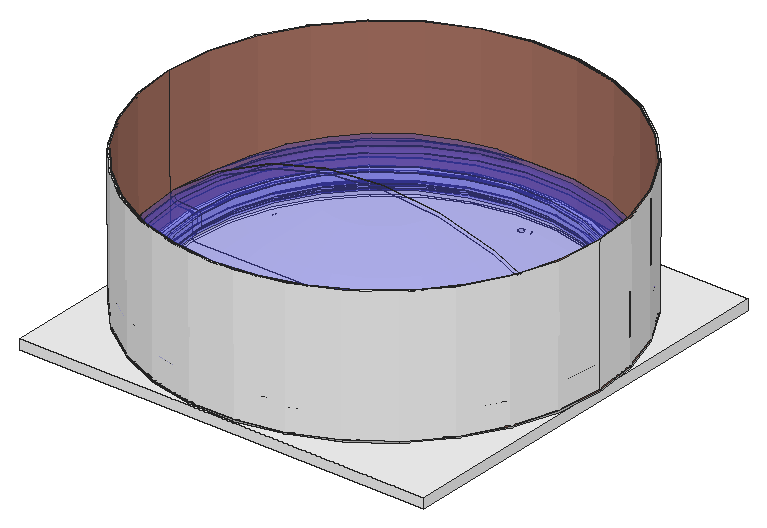
Revit family "BE_51019.6_de_DE", category Leuchten, Revit 2020
Family settings
  Basisbauteil = Fläche
  Bemaßung runder Anschluss = Durchmesser verwenden
  Teiletyp = Normal
  Beim Laden mit Abzugskörper schneiden = Ja
  Lichtquelle = Ja
  Gemeinsam genutzt = Nein
  Raumberechnungspunkt = Ja
Parameters (values of type "BEGA_51019.6_K3")
  built-in parameter 1150104 = 14.034 (stored number, unit not read)
  Wattage = 42.6 W
  Default Elevation = 0 mm
  built-in parameter 1150113 = 1 (stored number, unit not read)
  built-in parameter 1114218 = 1 (stored number, unit not read)
  Umgebungstemperatur = "25 °C"
  URL = "https://www.bega.com/de/produkt/51019.6"
  Typenkommentare = "© 2022 BEGA. Wir behalten uns das Recht vor, technische Änderungen ohne vorherige Ankündigung vorzunehmen."  # constant formula
  built-in parameter 1150134 = (empty or 0)
  built-in parameter 1150109 = 1 (stored number, unit not read)
  Strom = ""
  built-in parameter 1150110 = 1 (stored number, unit not read)
  Spannung = 239.996 V
  Sonderanfertigung = no
  Seriennummer [instance] = "Hier können Sie die eindeutige Seriennummer für das Facility Management eintragen."
  Schutzklasse = "I"
  Schutzart = "IP 20"
  Scheinlast = 0 VA
  Produktdatenblatt = "https://cdn.bega.com/bega/products/51019.6K3/current/documents/data-sheets/de"
  Oberflächentemperatur = ""
  Neigungswinkel = 0.00°
  Modell = "51019.6K3"
  Material_34 = BEGA_Oberfläche_Samtweiss_matt
  Material_29 = BEGA_Oberfläche_Kupfer_matt
  Material_14 = BEGA_Kunststoff_opal
  M_W = no
  M_G = no
  M_A = no
  Logo = 0
  built-in parameter 1114217 = 1 (stored number, unit not read)
  built-in parameter 1150139 = (empty or 0)
  built-in parameter 1150105 = 512.09 (stored number, unit not read)
  built-in parameter 1150114 = 1 (stored number, unit not read)
  Lumens = 6435.16 lm
  built-in parameter 1150115 = 1 (stored number, unit not read)
  Leuchtenlichtstrom = "3303 lm"
  Leuchtenanzahl = ""
  Lebensdauerkriterien = "L70B50 @ 25 °C = 200000 h"
  Lastklassifizierung = Beleuchtung
  built-in parameter 1150112 = 1 (stored number, unit not read)
  Lampenlichtstrom = "6435 lm"
  Lampe = "LED 42.6 W"
  LED_Modulbezeichnung = "LED-0630/930"
  Hersteller = "BEGA"  # constant formula
  Halbstreuwinkel = ""
  Gewicht = "2.95 kg"
  Gebrauchslageneinschränkung [instance] = ""
  Frequenz = "0/50-60 Hz"
  Farbwiedergabeindex = "CRI > 90"
  Farbtemperaturverschiebung bei Dämpfen der Lampe = <Keine Auswahl>
  Farbtemperatur = "3000 K"
  Color Filter = 16777215
  built-in parameter 1150133 = 10 (stored number, unit not read)
  Energieeffizienzklasse = "LED A++ - A"
  built-in parameter 1150137 = (empty or 0)
  built-in parameter 1150132 = (empty or 0)
  ENEC = "ja"
  Dimmbar [instance] = "DALI"
  Datei für fotometrisches Netz = "BE_51019-6K3.ies"
  CE_Konformität = "ja"
  Bestellnummer = "51019.6K3"
  Beschreibung_Sonderanfertigung = "Hier können Sie Informationen zur Sonderanfertigung eintragen."
  Beschreibung = "Deckenleuchte"
  built-in parameter 1150106 = 5.1209 (stored number, unit not read)
  Befestigungsbohrung = "Ø 6 mm"
  Befestigungsabstand = "340 mm"
  Ballwurfsicher = ""
  BEGA_Intern_aus = yes
  BEGA_Intern_an = yes
  BEGA_Intern_Konstruktion = yes
  BEGA_Intern = yes
  BEGA_IES = yes
  BEGA_Dummy = no
  Anschlussleitung = ""
  Anschlussleistung [instance] = "47.4 W"
  Anschlusskasten = ""
  built-in parameter 1150107 = 3000 (stored number, unit not read)
  built-in parameter 1150102 = (empty or 0)
  built-in parameter 1150138 = (empty or 0)
  Aktualisierung = "2022-12-14T04:00:03"
  Abstand_zur_angestrahlten_Fläche [instance] = ""
  AC/DC = "AC/DC"
Reference planes
  plane 1 "Mitte (Vorne/Hinten)": y = 0
  plane 2: z = 0
  plane 3 "Mitte (Links/Rechts)": x = 0
  plane 4 "Links": x = -213.998
  plane 5 "Rechts": x = 213.993
  plane 6 "Unten": y = -213.77
  plane 7 "Oben": y = 213.761
  plane 8 "Vorne": z = 144.998
  plane 9 "Hinten": z = 0
Forms (mm)
  Extrusion 1, solid, material "BEGA_Platte_Weiss"
    sketch origin (0, -1119.2, 0) x (1, 0, 0) y (0, 1, 0)
      loop
        line (-200, 1319.2) -> (-200, 919.2) -> (200, 919.2) -> (200, 1319.2) -> (-200, 1319.2)
    from 0 to -10
  Extrusion 2, solid, material "BEGA_Dummy_matt", visible <- "BEGA_Dummy"
    sketch origin (77.149, -76.023, 0) x (1, 0, 0) y (0, 1, 0)
      loop
        circle (-77.149, 76.023) r 213.998
    from 0 to 144.998
Dimensions and locks
  plane 1 "Mitte (Vorne/Hinten)" to Extrusion 1 = 200 mm
  aligned and locked: plane 2 to Extrusion 1
  aligned and locked: level to Extrusion 1
Nested families
  nested 1: "BE_51019.6_Leuchte" at (0, 0, 0), type "BE_51019.6_Leuchte"
Connectors
  electrical at (0, 0, 0), driven by "Lastklassifizierung", driven by "Spannung", driven by "Scheinlast"
    settings: index 1, voltage 239.996 V, apparent load 0 VA, apparent load phase1 0 VA, apparent load phase2 0 VA, apparent load phase3 0 VA, power factor 1, load classification "Beleuchtung", number of poles 1, system type 31, power factor state 1, is connector primary yes, connector utility no, sub classification motor no, connector description ""
Definition of nested family "BE_51019.6_Leuchte"
  Parameters (values of type "BE_51019.6_Leuchte")
    Default Elevation = 1 mm
    URL = "http://www.bega.de/de/produkt"
    Type Comments = "© 2015 BEGA. Wir behalten uns das Recht vor, technische Änderungen ohne vorherige Ankündigung vorzunehmen. "  # constant formula
    Type Image = (empty or 0)
    Material_34 = none
    Material_29 = none
    Material_14 = none
    Länge_Platte = 200 mm  # constant formula
    Höhe_Platte = -10 mm  # constant formula
    Manufacturer = "BEGA"  # constant formula
    Breite_Platte = 200 mm  # constant formula
  Reference planes
    plane 1 "Mitte (Oben/Unten)": y = 0
    plane 2: z = 0
    plane 3 "Mitte (Links/Rechts)": x = 0
    plane 4: y = 213.761
    plane 5: x = 213.993
    plane 6: y = -213.77
    plane 7: x = -213.998
    plane 8: z = 144.998
  Forms (mm)
    Extrusion 1, solid, detail levels medium
      sketch origin (0, 0, 0) x (1, 0, 0) y (0, 1, 0)
        loop
          line (-100, 100) -> (-100, -100) -> (100, -100) -> (100, 100) -> (-100, 100)
      from 0 to -10 <- "Höhe_Platte"
    Revolve 2, solid, material <- "Material_34"
      sketch origin (0, 0, 0) x (1, 0, 0) y (0, 0, 1)
        loop
          line (194, 27.5) -> (191.844, 27.5)
          arc (191.844, 27.5) -> (190.578, 26.986) -> (190.038, 25.731) r 1.8
          line (190.038, 25.731) -> (189.667, 4.483)
          arc (189.667, 4.483) -> (189.368, 3.787) -> (188.667, 3.5) r 1
          line (188.667, 3.5) -> (0, 3.5) -> (0, 2.5) -> (188.667, 2.5)
          arc (188.667, 2.5) -> (190.069, 3.073) -> (190.667, 4.465) r 2
          line (190.667, 4.465) -> (191.038, 25.71)
          arc (191.038, 25.71) -> (191.277, 26.271) -> (191.842, 26.5) r 0.8
          line (191.842, 26.5) -> (194, 26.5) -> (194, 27.5)
        axis (0, 2.5) -> (0, 27.5)
      angle from 0 to 360
    Revolve 3, solid, material <- "Material_14"
      sketch origin (0, 0, 0) x (1, 0, 0) y (0, 0, 1)
        loop
          line (-180.1, 18.672) -> (-180.1, 28.954)
          arc (-180.1, 28.954) -> (-180.929, 31.025) -> (-182.958, 31.951) r 3
          line (-182.958, 31.951) -> (-203.42, 33.023)
          arc (-203.42, 33.023) -> (-206.106, 35.053) -> (-205.214, 38.299) r 3
          arc (-205.214, 38.299) -> (-109.366, 94.472) -> (0, 114.002) r 315.999
          line (0, 114.002) -> (0, 118)
          arc (0, 118) -> (-110.737, 98.229) -> (-207.79, 41.358) r 319.999
          arc (-207.79, 41.358) -> (-209.896, 33.781) -> (-203.629, 29.029) r 7
          line (-203.629, 29.029) -> (-184.948, 28.05)
          arc (-184.948, 28.05) -> (-184.273, 27.738) -> (-184, 27.046) r 1
          line (-184, 27.046) -> (-184, 19.769)
          arc (-184, 19.769) -> (-184.105, 19.372) -> (-184.394, 19.08) r 0.8
          line (-184.394, 19.08) -> (-188.854, 16.504)
          arc (-188.854, 16.504) -> (-189.144, 16.212) -> (-189.25, 15.814) r 0.8
          line (-189.25, 15.814) -> (-189.25, 9.5) -> (-185.25, 9.5) -> (-185.25, 12.233)
          arc (-185.25, 12.233) -> (-184.85, 13.73) -> (-183.757, 14.828) r 3.001
          line (-183.757, 14.828) -> (-181.585, 16.082)
          arc (-181.585, 16.082) -> (-180.497, 17.179) -> (-180.1, 18.672) r 3.001
        axis (0, 9.5) -> (0, 118)
      angle from 0 to 360
    Revolve 4, solid, material <- "Material_34"
      sketch origin (0, 0, 0) x (1, 0, 0) y (0, 0, 1)
        loop
          line (213.964, 144.995) -> (213.104, 144.998) -> (213.104, 12.503)
          arc (213.104, 12.503) -> (212.623, 11.343) -> (211.463, 10.862) r 1.641
          line (211.463, 10.862) -> (192.751, 10.862) -> (191.268, 1.501) -> (181, 1.501) -> (181, 0) -> (189.991, 0)
          arc (189.991, 0) -> (192.1, 0.863) -> (193, 2.956) r 3.009
          line (193, 2.956) -> (193.114, 9.5) -> (211.492, 9.5)
          arc (211.492, 9.5) -> (212.909, 10.082) -> (213.498, 11.496) r 1.998
          line (213.498, 11.496) -> (213.964, 144.995)
        axis (0, 0) -> (0, 144.998)
      angle from 0 to 360
    Revolve 5, solid, material <- "Material_29"
      sketch origin (0, 0, 0) x (1, 0, 0) y (0, 0, 1)
        loop
          line (212.464, 144.995) -> (211.998, 11.496) -> (193.465, 11.496)
          arc (193.465, 11.496) -> (191.804, 10.733) -> (191.106, 9.044) r 2.5
          line (191.106, 9.044) -> (190.991, 2.5) -> (181, 2.5) -> (181, 1) -> (189.991, 1)
          arc (189.991, 1) -> (191.399, 1.576) -> (192, 2.974) r 2.009
          line (192, 2.974) -> (192.105, 9.026)
          arc (192.105, 9.026) -> (192.516, 10.031) -> (193.497, 10.496) r 1.5
          line (193.497, 10.496) -> (210.957, 10.496)
          arc (210.957, 10.496) -> (212.398, 11.09) -> (213.002, 12.527) r 2.045
          line (213.002, 12.527) -> (213.464, 144.995) -> (212.464, 144.995)
        axis (0, 1) -> (0, 144.995)
      angle from 0 to 360
    Extrusion 6, solid, material <- "Material_34"
      sketch origin (0, 0, 0) x (1, 0, 0) y (0, 1, 0)
        loop
          arc (177.592, 29.799) -> (161.844, 50.995) -> (135.44, 50.636) r 28.998
          arc (135.44, 50.636) -> (124.155, 39.964) -> (119.995, 25) r 28.998
          line (119.995, 25) -> (119.995, -25)
          arc (119.995, -25) -> (146.586, -53.898) -> (177.592, -29.799) r 28.998
          arc (177.592, -29.799) -> (180.074, 0) -> (177.592, 29.799) r 180.074
      from 2.358 to 8.965
    Extrusion 7, solid, material <- "Material_34"
      sketch origin (0, 0.089, 0) x (1, 0, 0) y (0, 1, 0)
        loop
          circle (0, 170) r 8.061
        loop
          circle (0, -170) r 8.061
      from 0.359 to 2.5
    Extrusion 8, void
      sketch origin (0, 0, 0) x (1, 0, 0) y (0, 1, 0)
        loop
          circle (161.993, -18) r 5
        loop
          circle (161.993, 18) r 5
      from 0 to 27.046
    Extrusion 9, void
      sketch origin (0, 0, 0) x (1, 0, 0) y (0, 1, 0)
        loop
          circle (0, 170) r 3
        loop
          circle (0, -170) r 3
      from 0 to 3.5
  Cuts and joins
    Extrusion 8, Extrusion 9 cuts Revolve 2
    Extrusion 8, Extrusion 9 cuts Extrusion 6
    Extrusion 8, Extrusion 9 cuts Extrusion 7
    joined: Revolve 2, Extrusion 6, Extrusion 7
    Extrusion 8, Extrusion 9 cuts Revolve 3
  Dimensions and locks
    equal spacing: Extrusion 1 sketch curve, plane 3 "Mitte (Links/Rechts)", Extrusion 1 sketch curve
    equal spacing: Extrusion 1 sketch curve, plane 1 "Mitte (Oben/Unten)", Extrusion 1 sketch curve
    "Länge_Platte": Extrusion 1 sketch curve to Extrusion 1 sketch curve
    "Breite_Platte": Extrusion 1 sketch curve to Extrusion 1 sketch curve
    plane 1 "Mitte (Oben/Unten)" to Extrusion 1 = 100 mm  (x3)
    aligned and locked: plane 2 to Extrusion 1
    aligned and locked: level to Extrusion 1
  Automatic sketch dimensions
    Revolve 2 sketch curve to Revolve 2 sketch curve = 0 mm  (x16)
    Revolve 2 sketch curve to plane 3 "Mitte (Links/Rechts)" = 0 mm  (x2)
    level to Revolve 2 sketch curve = 4.5 mm
    plane 3 "Mitte (Links/Rechts)" to Revolve 2 sketch curve = 188.667 mm
    level to Revolve 2 sketch curve = 25.71 mm
    Revolve 2 sketch curve to Revolve 2 sketch curve = 2.371 mm
    Revolve 2 sketch curve to Revolve 2 sketch curve = 0.8 mm
    Revolve 2 sketch curve to Revolve 2 sketch curve = 0.004 mm
    Revolve 2 sketch curve to Revolve 2 sketch curve = 0.002 mm
    Revolve 2 sketch curve to Revolve 2 sketch curve = 2.156 mm
    Revolve 2 sketch curve to Revolve 2 sketch curve = 0.01 mm
    Revolve 2 sketch curve to Revolve 2 sketch curve = 1 mm  (x5)
    level to Revolve 2 sketch curve = 25.731 mm
    level to Revolve 2 sketch curve = 4.465 mm
    Revolve 2 sketch curve to level = 609.6 mm
    Revolve 3 sketch curve to plane 3 "Mitte (Links/Rechts)" = 0.001 mm
    level to Revolve 3 sketch curve = 16.082 mm
    Revolve 3 sketch curve to Revolve 3 sketch curve = 0.664 mm
    Revolve 3 sketch curve to Revolve 3 sketch curve = 1.373 mm
    Revolve 3 sketch curve to Revolve 3 sketch curve = 0.142 mm
    Revolve 3 sketch curve to Revolve 3 sketch curve = 1.516 mm
    level to Revolve 3 sketch curve = 14.828 mm
    Revolve 3 sketch curve to Revolve 3 sketch curve = 2.172 mm
    level to Revolve 3 sketch curve = 19.08 mm
    Revolve 3 sketch curve to Revolve 3 sketch curve = 1.293 mm
    Revolve 3 sketch curve to Revolve 3 sketch curve = 0.406 mm
    Revolve 3 sketch curve to Revolve 3 sketch curve = 1.9 mm
    Revolve 3 sketch curve to Revolve 3 sketch curve = 3.001 mm
    Revolve 3 sketch curve to Revolve 3 sketch curve = 4.693 mm
    level to Revolve 3 sketch curve = 16.504 mm
    Revolve 3 sketch curve to Revolve 3 sketch curve = 0.405 mm
    Revolve 3 sketch curve to Revolve 3 sketch curve = 4 mm
    Revolve 3 sketch curve to Revolve 3 sketch curve = 18.263 mm
    Revolve 3 sketch curve to Revolve 3 sketch curve = 0.002 mm  (x3)
    plane 3 "Mitte (Links/Rechts)" to Revolve 3 sketch curve = 0.002 mm
    Revolve 3 sketch curve to Revolve 3 sketch curve = 2.595 mm
    Revolve 3 sketch curve to Revolve 3 sketch curve = 2.733 mm
    Revolve 3 sketch curve to Revolve 3 sketch curve = 0.001 mm
    Revolve 3 sketch curve to Revolve 3 sketch curve = 0.69 mm
    Revolve 3 sketch curve to Revolve 3 sketch curve = 0.408 mm
    Revolve 3 sketch curve to Revolve 3 sketch curve = 0.689 mm
    Revolve 3 sketch curve to Revolve 3 sketch curve = 4.9 mm
    Revolve 3 sketch curve to Revolve 3 sketch curve = 1.903 mm
    Revolve 3 sketch curve to Revolve 3 sketch curve = 8.966 mm
    Revolve 3 sketch curve to Revolve 3 sketch curve = 0 mm  (x13)
    level to Revolve 3 sketch curve = 19.769 mm
    Revolve 3 sketch curve to Revolve 3 sketch curve = 0.394 mm
    Revolve 3 sketch curve to Revolve 3 sketch curve = 1 mm
    level to Revolve 3 sketch curve = 27.046 mm
    level to Revolve 3 sketch curve = 28.05 mm
    Revolve 3 sketch curve to Revolve 3 sketch curve = 0.052 mm
    level to Revolve 3 sketch curve = 33.023 mm
    Revolve 3 sketch curve to Revolve 3 sketch curve = 0.155 mm
    Revolve 3 sketch curve to Revolve 3 sketch curve = 0.207 mm
    level to Revolve 3 sketch curve = 29.029 mm
    Revolve 3 sketch curve to Revolve 3 sketch curve = 1.951 mm
    Revolve 3 sketch curve to Revolve 3 sketch curve = 2.576 mm
    level to Revolve 3 sketch curve = 114.002 mm
    Revolve 3 sketch curve to Revolve 3 sketch curve = 2.59 mm
    Revolve 3 sketch curve to Revolve 3 sketch curve = 0.005 mm
    Revolve 3 sketch curve to plane 3 "Mitte (Links/Rechts)" = 181.585 mm
    Revolve 3 sketch curve to plane 3 "Mitte (Links/Rechts)" = 0 mm
    Revolve 4 sketch curve to plane 3 "Mitte (Links/Rechts)" = 0 mm
    level to Revolve 4 sketch curve = 1.501 mm
    plane 3 "Mitte (Links/Rechts)" to Revolve 4 sketch curve = 181 mm
    Revolve 4 sketch curve to Revolve 4 sketch curve = 1.277 mm
    Revolve 4 sketch curve to Revolve 4 sketch curve = 2.76 mm
    Revolve 4 sketch curve to Revolve 4 sketch curve = 18.712 mm
    Revolve 4 sketch curve to Revolve 4 sketch curve = 0.029 mm
    Revolve 4 sketch curve to Revolve 4 sketch curve = 0.037 mm
    Revolve 4 sketch curve to Revolve 4 sketch curve = 0.394 mm
    Revolve 4 sketch curve to Revolve 4 sketch curve = 0.86 mm
    level to Revolve 4 sketch curve = 0 mm
    Revolve 4 sketch curve to Revolve 4 sketch curve = 1.362 mm
    Revolve 4 sketch curve to Revolve 4 sketch curve = 1.005 mm
    Revolve 4 sketch curve to Revolve 4 sketch curve = 132.492 mm
    Revolve 4 sketch curve to Revolve 4 sketch curve = 0.003 mm
    Revolve 4 sketch curve to Revolve 4 sketch curve = 1.731 mm
    level to Revolve 4 sketch curve = 2.956 mm
    Revolve 4 sketch curve to Revolve 4 sketch curve = 0 mm
    level to Revolve 4 sketch curve = 9.5 mm
    Revolve 4 sketch curve to Revolve 4 sketch curve = 0.363 mm
    Revolve 4 sketch curve to Revolve 4 sketch curve = 2464.06 mm
    Revolve 4 sketch curve to Revolve 4 sketch curve = 1.007 mm
    Revolve 4 sketch curve to Revolve 4 sketch curve = 1.641 mm
    Revolve 4 sketch curve to Revolve 4 sketch curve = 8.991 mm
    Revolve 4 sketch curve to Revolve 4 sketch curve = 1.508 mm
    Revolve 4 sketch curve to level = 609.6 mm
    Revolve 5 sketch curve to Revolve 5 sketch curve = 0 mm  (x5)
    Revolve 5 sketch curve to plane 3 "Mitte (Links/Rechts)" = 0 mm
    level to Revolve 5 sketch curve = 1 mm
    plane 3 "Mitte (Links/Rechts)" to Revolve 5 sketch curve = 181 mm
    level to Revolve 5 sketch curve = 3.009 mm
    Revolve 5 sketch curve to Revolve 5 sketch curve = 8.991 mm
    level to Revolve 5 sketch curve = 2.5 mm
    Revolve 5 sketch curve to Revolve 5 sketch curve = 1 mm  (x4)
    Revolve 5 sketch curve to Revolve 5 sketch curve = 3.474 mm
    Revolve 5 sketch curve to Revolve 5 sketch curve = 0.032 mm
    Revolve 5 sketch curve to Revolve 5 sketch curve = 0.109 mm
    Revolve 5 sketch curve to Revolve 5 sketch curve = 17.492 mm
    Revolve 5 sketch curve to Revolve 5 sketch curve = 1.042 mm
    Revolve 5 sketch curve to Revolve 5 sketch curve = 1.508 mm
    Revolve 5 sketch curve to Revolve 5 sketch curve = 5.991 mm
    Revolve 5 sketch curve to Revolve 5 sketch curve = 1.496 mm
    level to Revolve 5 sketch curve = 9.044 mm
    Revolve 5 sketch curve to Revolve 5 sketch curve = 2.5 mm
    Revolve 5 sketch curve to Revolve 5 sketch curve = 1.008 mm
    level to Revolve 5 sketch curve = 2.974 mm
    level to Revolve 5 sketch curve = 9.026 mm
    Revolve 5 sketch curve to Revolve 5 sketch curve = 1.004 mm
    Revolve 5 sketch curve to level = 609.6 mm
    Revolve 5 sketch curve to Revolve 5 sketch curve = 2464.063 mm
    Revolve 5 sketch curve to Revolve 5 sketch curve = 1.045 mm
    Revolve 5 sketch curve to Revolve 5 sketch curve = 132.468 mm
    Extrusion 6 sketch curve to Extrusion 6 sketch curve = 0 mm  (x3)
    plane 1 "Mitte (Oben/Unten)" to Extrusion 6 sketch curve = 0 mm
    Extrusion 6 sketch curve to plane 3 "Mitte (Links/Rechts)" = 0 mm
    Extrusion 6 sketch curve to plane 1 "Mitte (Oben/Unten)" = 25 mm
    Extrusion 6 sketch curve to plane 5 = 93.998 mm
    Extrusion 6 sketch curve to Extrusion 6 sketch curve = 28.998 mm  (x2)
    plane 1 "Mitte (Oben/Unten)" to Extrusion 6 sketch curve = 25 mm
    Extrusion 6 sketch curve to Extrusion 6 sketch curve = 13.553 mm
    Extrusion 8 sketch curve to plane 1 "Mitte (Oben/Unten)" = 18 mm
    Extrusion 8 sketch curve to plane 5 = 52 mm
    plane 1 "Mitte (Oben/Unten)" to Extrusion 8 sketch curve = 18 mm
    Extrusion 8 sketch curve to Extrusion 8 sketch curve = 0 mm
    radius of Extrusion 8 sketch curve = 5 mm  (x2)
